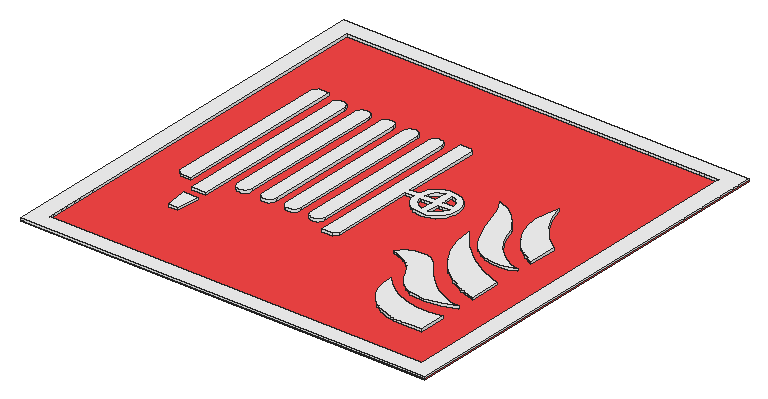
Revit family "GRAS_HWG-33N-20-30 HS Z", category Osprzęt hydrauliczny, Revit 2018
Family settings
  Obiekt nadrzędny = Powierzchnia
  Wymiar okrągłego złącza = Użyj średnicy
  Typ części = Normalny
  Tnij formami wycięć po wczytaniu = Nie
  Współdzielony = Nie
  Punkt obliczania pomieszczeń = Nie
Parameters (values of type "HWG-33N-20/30 HS-Z, RAL3000")
  W1 = 120 mm
  URL = "http://www.gras.pl/"
  Top Right Supply Connection = ""
  Top Left Supply Connection = ""
  Side Right Supply Connection = ""
  Side Left Supply Connection = ""
  Producent = "GRAS PPPH"
  Pictogram_height = 90 mm
  Opis = "http://gras.pl/en/hwg-33-n-20-30-hs-z/"
  Model = "HWG-33N-20/30 HS-Z, RAL3000"
  K Factor = 42
  H1 = 120 mm
  Flow = 114.0 L/s
  Door_Right - Door_Left [instance] = no
  Default Elevation = 0 mm
  DN = 32 mm
  D1 = 120 mm
  Cabinet width = 795 mm
  Cabinet material = DC01, RAL3000
  Cabinet height = 895 mm
  Cabinet depth = 290 mm
  Back Right Supply Connection = ""
  Back Left Supply Connection = ""
  0 = 0 mm
Types (2, lengths in mm): name | Model | Cabinet material
  HWG-33N-20/30 HS-Z, RAL9010 | "HWG-33N-20/30 HS-Z, RAL9010" | DC01, RAL9010
  HWG-33N-20/30 HS-Z, RAL3000 | "HWG-33N-20/30 HS-Z, RAL3000" | DC01, RAL3000
Reference planes
  plane 1 "Środek (Przód/Tył)": y = 0
  plane 2: z = 0
  plane 3 "Środek (Lewa/Prawa)": x = 0
  plane 4: y = 447.5
  plane 5: y = -447.5
  plane 6: x = -397.5
  plane 7: x = 397.5
  plane 8: z = 290
  plane 9: z = 130
  plane 10: x = 397.5
  plane 11: z = 0
  plane 12: x = -397.5
  plane 13: z = 130
  plane 14: z = 130
Forms (mm)
  Extrusion 1, solid, not visible
    sketch origin (0, 0, 0) x (1, 0, 0) y (0, 1, 0)
      loop
        line (-1219.2, 1219.2) -> (-1219.2, -1219.2) -> (1219.2, -1219.2) -> (1219.2, 1219.2) -> (-1219.2, 1219.2)
    from 0 to -304.8
Dimensions and locks
  equal spacing: plane 4, plane 1 "Środek (Przód/Tył)", plane 5
  "Cabinet height": plane 4 to plane 5
  equal spacing: plane 6, plane 3 "Środek (Lewa/Prawa)", plane 7
  "Cabinet width": plane 6 to plane 7
  "Cabinet depth": plane 8 to Extrusion 1
  "0": nested 1 to plane 8
  "0": plane 3 "Środek (Lewa/Prawa)" to nested 1
  "0": plane 3 "Środek (Lewa/Prawa)" to nested 2
  "0": plane 1 "Środek (Przód/Tył)" to nested 2
  "Pictogram_height": plane 4 to nested 1
  aligned and locked: plane 2 to Extrusion 1
  aligned and locked: level to Extrusion 1
Automatic sketch dimensions
  Extrusion 1 sketch curve to Extrusion 1 sketch curve = 2438.4 mm  (x2)
Nested families
  nested 1: "pictogram_hydrant" at (0, 282.5, 290), type "150x150"
  nested 2: "Cabinet_complet" at (0, 0, 0), visible <- "Door_Right - Door_Left", type "Cabinet_complet"
    with W1 120 mm, Visible_Right yes, Left_Right no, H1 120 mm, Flow 114.0 L/s, Door_Rubber 268 mm, Depth 290 mm, DN_Hole 52 mm, DN 32 mm, D1 120 mm
Connectors
  piping at (396.5, 327.5, 120), diameter 32, driven by "DN", driven by "Flow"
    settings: on nested 2, index 1, connector inside diameter 609.6 mm, connector length 0 mm, flow factor 0, pipe flow 114.0 L/s, pressure drop 0.0 Pa, fitting loss kfactor 0, connector angle 0.00°, fixture units 0, engagement length 0 mm, angle of deflection 0.00°, flow configuration 0, flow direction 0, fitting loss method 0, system type 7, joint type 0, gender type 0, connector reference index -1, connector utility 0, adjustable connector no, is connector primary yes, connector description ""
  piping at (277.5, 327.5, 1), diameter 32, driven by "DN", driven by "Flow"
    settings: on nested 2, index 2, connector inside diameter 609.6 mm, connector length 0 mm, flow factor 0, pipe flow 114.0 L/s, pressure drop 0.0 Pa, fitting loss kfactor 0, connector angle 0.00°, fixture units 0, engagement length 0 mm, angle of deflection 0.00°, flow configuration 0, flow direction 0, fitting loss method 0, system type 7, joint type 0, gender type 0, connector reference index -1, connector utility 0, adjustable connector no, is connector primary no, connector description ""
  piping at (-397.5, 327.5, 120), diameter 32, driven by "DN", driven by "Flow"
    settings: on nested 2, index 3, connector inside diameter 609.6 mm, connector length 0 mm, flow factor 0, pipe flow 114.0 L/s, pressure drop 0.0 Pa, fitting loss kfactor 0, connector angle 0.00°, fixture units 0, engagement length 0 mm, angle of deflection 0.00°, flow configuration 0, flow direction 0, fitting loss method 0, system type 19, joint type 0, gender type 0, connector reference index -1, connector utility 0, adjustable connector no, is connector primary no, connector description ""
  piping at (-277.5, 327.5, 0), diameter 32, driven by "DN"
    settings: on nested 2, index 4, connector inside diameter 609.6 mm, connector length 0 mm, flow factor 0, pipe flow 0.0 L/s, pressure drop 0.0 Pa, fitting loss kfactor 0, connector angle 0.00°, fixture units 0, engagement length 0 mm, angle of deflection 0.00°, flow configuration 0, flow direction 0, fitting loss method 0, system type 19, joint type 0, gender type 0, connector reference index -1, connector utility 0, adjustable connector no, is connector primary no, connector description ""
Definition of nested family "pictogram_hydrant"
  Parameters (values of type "150x150")
    pictogram_color_white = none
    pictogram_color_red = none
    W = 150 mm
    H = 150 mm
    Default Elevation = 1219.2 mm
  Reference planes
    plane 1 "Środek (Przód/Tył)": y = 0
    plane 2: z = 0
    plane 3 "Środek (Lewa/Prawa)": x = 0
    plane 4: x = -75
    plane 5: x = 75
    plane 6: y = 75
    plane 7: x = -75
    plane 8: x = 75
    plane 9: y = 75
    plane 10: y = -75
  Forms (mm)
    Extrusion 1, solid, material <- "pictogram_color_white", detail levels fine
      sketch origin (0, 0, 0) x (1, 0, 0) y (0, 1, 0)
        loop
          arc (-42.375, 34.5) -> (-45, 37.125) -> (-47.625, 34.5) r 2.625
          line (-47.625, 34.5) -> (-47.625, -29.625) -> (-42.375, -29.625) -> (-42.375, 34.5)
        loop
          arc (-38.625, -19.5) -> (-36, -22.125) -> (-33.375, -19.5) r 2.625
          line (-33.375, -19.5) -> (-33.375, 34.5)
          arc (-33.375, 34.5) -> (-36, 37.125) -> (-38.625, 34.5) r 2.625
          line (-38.625, 34.5) -> (-38.625, -19.5)
        loop
          arc (-29.625, -19.5) -> (-27, -22.125) -> (-24.375, -19.5) r 2.625
          line (-24.375, -19.5) -> (-24.375, 34.5)
          arc (-24.375, 34.5) -> (-27, 37.125) -> (-29.625, 34.5) r 2.625
          line (-29.625, 34.5) -> (-29.625, -19.5)
        loop
          arc (-20.625, -19.5) -> (-18, -22.125) -> (-15.375, -19.5) r 2.625
          line (-15.375, -19.5) -> (-15.375, 34.5)
          arc (-15.375, 34.5) -> (-18, 37.125) -> (-20.625, 34.5) r 2.625
          line (-20.625, 34.5) -> (-20.625, -19.5)
        loop
          arc (-11.625, -19.5) -> (-9, -22.125) -> (-6.375, -19.5) r 2.625
          line (-6.375, -19.5) -> (-6.375, 34.5)
          arc (-6.375, 34.5) -> (-9, 37.125) -> (-11.625, 34.5) r 2.625
          line (-11.625, 34.5) -> (-11.625, -19.5)
        loop
          arc (8.096, 6.375) -> (9.601, 3.593) -> (12.375, 2.075) r 5.587
          line (12.375, 2.075) -> (12.375, 6.375) -> (8.096, 6.375)
        loop
          arc (14.625, 2.05) -> (17.477, 3.549) -> (19.026, 6.375) r 5.587
          line (19.026, 6.375) -> (14.625, 6.375) -> (14.625, 2.05)
        loop
          arc (12.375, 12.994) -> (9.576, 11.45) -> (8.081, 8.625) r 5.587
          line (8.081, 8.625) -> (12.375, 8.625) -> (12.375, 12.994)
        loop
          arc (19.04, 8.625) -> (17.502, 11.494) -> (14.625, 13.019) r 5.587
          line (14.625, 13.019) -> (14.625, 8.625) -> (19.04, 8.625)
        loop
          arc (30.735, -35.586) -> (34.985, -47.78) -> (46.5, -53.625) r 17.285
          line (46.5, -53.625) -> (56.625, -53.625) -> (56.625, -43.857)
          arc (56.625, -43.857) -> (42.542, -43.284) -> (30.735, -35.586) r 26.558
        loop
          arc (43.5, 26.625) -> (44.037, 9.214) -> (56.632, -2.819) r 22.981
          line (56.632, -2.819) -> (56.601, 7.732)
          arc (56.601, 7.732) -> (48.159, 15.867) -> (43.5, 26.625) r 29.857
        loop
          arc (36.375, -1.5) -> (44.77, -9.178) -> (56.121, -8.425) r 14.487
          arc (56.121, -8.425) -> (50.239, -6.221) -> (45.629, -1.954) r 16.287
          arc (45.629, -1.954) -> (42.437, 2.964) -> (40.404, 8.464) r 26.509
          arc (40.404, 8.464) -> (34.776, 15.029) -> (27.375, 19.5) r 27.251
          arc (27.375, 19.5) -> (29.19, 16.657) -> (30.375, 13.5) r 16.152
          arc (30.375, 13.5) -> (32.842, 5.787) -> (36.375, -1.5) r 57.118
        loop
          line (75, -75) -> (75, 75) -> (-75, 75) -> (-75, -75) -> (75, -75)
        loop
          line (69, -69) -> (69, 69) -> (-69, 69) -> (-69, -69) -> (69, -69)
        loop
          line (-55.125, -25.5) -> (-51.375, -25.5) -> (-51.375, 38.625) -> (-55.125, 38.625) -> (-56.625, 37.125) -> (-56.625, -24) -> (-55.125, -25.5)
        loop
          line (-43.234, -41.671) -> (-42.368, -33.375) -> (-47.658, -33.375) -> (-46.721, -41.671) -> (-43.234, -41.671)
        loop
          line (5.748, 8.625) -> (2.625, 8.625) -> (2.625, 37.125) -> (1.125, 38.625) -> (-2.625, 38.625) -> (-2.625, -25.5) -> (1.125, -25.5) -> (2.625, -24) -> (2.625, 6.375) -> (5.748, 6.375)
          arc (5.748, 6.375) -> (21.333, 7.5) -> (5.748, 8.625) r 7.833
        loop
          arc (56.626, -18.699) -> (42.495, -11.687) -> (31.5, -0.375) r 46.748
          arc (31.5, -0.375) -> (38.925, -19.413) -> (56.626, -29.624) r 30.825
          line (56.626, -29.624) -> (56.626, -18.699)
        loop
          arc (30.403, -18.389) -> (25.366, -19.297) -> (21.375, -22.5) r 10.383
          arc (21.375, -22.5) -> (27.7, -25.134) -> (32.166, -30.331) r 14.829
          arc (32.166, -30.331) -> (35.524, -35.29) -> (40.5, -38.625) r 15.649
          arc (40.5, -38.625) -> (48.741, -38.75) -> (56.621, -36.335) r 26.465
          arc (56.621, -36.335) -> (49.534, -34.515) -> (43.5, -30.375) r 21.005
          arc (43.5, -30.375) -> (39.113, -26.466) -> (35.439, -21.881) r 35.088
          arc (35.439, -21.881) -> (33.209, -19.719) -> (30.403, -18.389) r 9.54
      from 0.2 to 1
    Extrusion 2, solid, material <- "pictogram_color_red", detail levels fine
      sketch origin (0, 0, 0) x (1, 0, 0) y (0, 1, 0)
        loop
          line (-75, 75) -> (-75, -75) -> (75, -75) -> (75, 75) -> (-75, 75)
      from 0 to 0.2
  Dimensions and locks
    equal spacing: plane 7, plane 3 "Środek (Lewa/Prawa)", plane 8
    "W": plane 7 to plane 8
    equal spacing: plane 9, plane 1 "Środek (Przód/Tył)", plane 10
    "H": plane 9 to plane 10
    aligned and locked: level to plane 2
    aligned and locked: Extrusion 1 to Extrusion 2  (x2)
    aligned and locked: Extrusion 2 to Extrusion 1  (x3)
    aligned and locked: Extrusion 1 to plane 7
    aligned and locked: plane 8 to Extrusion 1
    aligned and locked: plane 9 to Extrusion 1
    aligned and locked: Extrusion 1 to plane 10
  Automatic sketch dimensions
    Extrusion 1 sketch curve to Extrusion 1 sketch curve = 0 mm  (x22)
    Extrusion 1 sketch curve to plane 4 = 0 mm
    Extrusion 1 sketch curve to plane 5 = 0 mm
    Extrusion 1 sketch curve to plane 6 = 0 mm
    plane 4 to Extrusion 1 sketch curve = 6 mm
    plane 4 to Extrusion 1 sketch curve = 18.375 mm
    Extrusion 1 sketch curve to Extrusion 1 sketch curve = 1.5 mm  (x7)
    Extrusion 1 sketch curve to Extrusion 1 sketch curve = 3.75 mm  (x6)
    Extrusion 1 sketch curve to Extrusion 1 sketch curve = 3.717 mm
    Extrusion 1 sketch curve to Extrusion 1 sketch curve = 0.033 mm
    Extrusion 1 sketch curve to Extrusion 1 sketch curve = 0.938 mm
    Extrusion 1 sketch curve to Extrusion 1 sketch curve = 2.625 mm  (x7)
    Extrusion 1 sketch curve to Extrusion 1 sketch curve = 3.487 mm
    Extrusion 1 sketch curve to Extrusion 1 sketch curve = 0.007 mm
    Extrusion 1 sketch curve to plane 3 "Środek (Lewa/Prawa)" = 2.625 mm
    plane 3 "Środek (Lewa/Prawa)" to Extrusion 1 sketch curve = 1.125 mm  (x2)
    plane 3 "Środek (Lewa/Prawa)" to Extrusion 1 sketch curve = 2.625 mm
    Extrusion 1 sketch curve to Extrusion 1 sketch curve = 3.123 mm
    Extrusion 1 sketch curve to Extrusion 1 sketch curve = 2.333 mm
    Extrusion 1 sketch curve to Extrusion 1 sketch curve = 0.014 mm  (x2)
    Extrusion 1 sketch curve to Extrusion 1 sketch curve = 4.294 mm
    Extrusion 1 sketch curve to Extrusion 1 sketch curve = 1.125 mm  (x2)
    Extrusion 1 sketch curve to Extrusion 1 sketch curve = 0.061 mm
    Extrusion 1 sketch curve to Extrusion 1 sketch curve = 1.064 mm  (x2)
    Extrusion 1 sketch curve to Extrusion 1 sketch curve = 0.118 mm
    Extrusion 1 sketch curve to Extrusion 1 sketch curve = 2.539 mm
    plane 3 "Środek (Lewa/Prawa)" to Extrusion 1 sketch curve = 18.99 mm
    Extrusion 1 sketch curve to Extrusion 1 sketch curve = 4.401 mm
    Extrusion 1 sketch curve to Extrusion 1 sketch curve = 8.783 mm
    Extrusion 1 sketch curve to Extrusion 1 sketch curve = 1.895 mm
    plane 1 "Środek (Przód/Tył)" to Extrusion 1 sketch curve = 12.549 mm
    Extrusion 1 sketch curve to Extrusion 1 sketch curve = 15.349 mm
    Extrusion 1 sketch curve to plane 5 = 28.5 mm
    Extrusion 1 sketch curve to Extrusion 1 sketch curve = 1.545 mm
    Extrusion 1 sketch curve to Extrusion 1 sketch curve = 1.437 mm
    Extrusion 1 sketch curve to plane 1 "Środek (Przód/Tył)" = 4.493 mm
    Extrusion 1 sketch curve to Extrusion 1 sketch curve = 4.546 mm
    Extrusion 1 sketch curve to Extrusion 1 sketch curve = 4.061 mm
    Extrusion 1 sketch curve to Extrusion 1 sketch curve = 7.037 mm
    Extrusion 1 sketch curve to Extrusion 1 sketch curve = 10.125 mm
    Extrusion 1 sketch curve to Extrusion 1 sketch curve = 8.626 mm
    plane 1 "Środek (Przód/Tył)" to Extrusion 1 sketch curve = 2.819 mm
    Extrusion 1 sketch curve to Extrusion 1 sketch curve = 7.068 mm
    Extrusion 1 sketch curve to Extrusion 1 sketch curve = 1.594 mm
    Extrusion 1 sketch curve to Extrusion 1 sketch curve = 2.188 mm
    Extrusion 1 sketch curve to plane 1 "Środek (Przód/Tył)" = 0.672 mm
    Extrusion 1 sketch curve to Extrusion 1 sketch curve = 5.675 mm
    plane 1 "Środek (Przód/Tył)" to Extrusion 1 sketch curve = 2.314 mm
    Extrusion 1 sketch curve to Extrusion 1 sketch curve = 2.258 mm
    Extrusion 1 sketch curve to plane 5 = 9.975 mm
    Extrusion 1 sketch curve to Extrusion 1 sketch curve = 1.108 mm
    Extrusion 1 sketch curve to plane 5 = 6 mm
    Extrusion 1 sketch curve to plane 5 = 4.96 mm
    Extrusion 1 sketch curve to plane 5 = 2.306 mm
    plane 5 to Extrusion 1 sketch curve = 10.875 mm
    Extrusion 1 sketch curve to Extrusion 1 sketch curve = 12.572 mm
    Extrusion 1 sketch curve to Extrusion 1 sketch curve = 5.437 mm
    Extrusion 1 sketch curve to Extrusion 1 sketch curve = 3.308 mm
    plane 1 "Środek (Przód/Tył)" to Extrusion 1 sketch curve = 19.5 mm
    Extrusion 1 sketch curve to Extrusion 1 sketch curve = 4.5 mm  (x2)
    Extrusion 1 sketch curve to Extrusion 1 sketch curve = 6.213 mm
    Extrusion 1 sketch curve to Extrusion 1 sketch curve = 3.361 mm
    Extrusion 1 sketch curve to Extrusion 1 sketch curve = 1.186 mm
    Extrusion 1 sketch curve to Extrusion 1 sketch curve = 10.925 mm
    Extrusion 1 sketch curve to Extrusion 1 sketch curve = 4.125 mm
    Extrusion 1 sketch curve to Extrusion 1 sketch curve = 6.781 mm
    Extrusion 1 sketch curve to Extrusion 1 sketch curve = 9.577 mm
    Extrusion 1 sketch curve to Extrusion 1 sketch curve = 8.296 mm
    Extrusion 1 sketch curve to Extrusion 1 sketch curve = 7.452 mm
    Extrusion 1 sketch curve to Extrusion 1 sketch curve = 9.768 mm
    Extrusion 1 sketch curve to Extrusion 1 sketch curve = 27.329 mm
    Extrusion 1 sketch curve to Extrusion 1 sketch curve = 6 mm
    plane 1 "Środek (Przód/Tył)" to Extrusion 1 sketch curve = 5.765 mm
    Extrusion 1 sketch curve to plane 1 "Środek (Przód/Tył)" = 2.05 mm
    Extrusion 1 sketch curve to plane 1 "Środek (Przód/Tył)" = 2.075 mm
    Extrusion 1 sketch curve to Extrusion 1 sketch curve = 4.325 mm
    Extrusion 1 sketch curve to Extrusion 1 sketch curve = 0.034 mm
    Extrusion 1 sketch curve to plane 1 "Środek (Przód/Tył)" = 7.642 mm
    Extrusion 1 sketch curve to Extrusion 1 sketch curve = 0.09 mm
    Extrusion 1 sketch curve to Extrusion 1 sketch curve = 2.25 mm
    Extrusion 1 sketch curve to Extrusion 1 sketch curve = 0.809 mm
    Extrusion 1 sketch curve to Extrusion 1 sketch curve = 7.206 mm
    Extrusion 1 sketch curve to Extrusion 1 sketch curve = 3.727 mm
    Extrusion 1 sketch curve to Extrusion 1 sketch curve = 7.508 mm
    Extrusion 1 sketch curve to Extrusion 1 sketch curve = 0.917 mm
    Extrusion 1 sketch curve to Extrusion 1 sketch curve = 6.797 mm
    Extrusion 1 sketch curve to plane 1 "Środek (Przód/Tył)" = 34.5 mm
    Extrusion 1 sketch curve to plane 6 = 6 mm
    Extrusion 1 sketch curve to Extrusion 1 sketch curve = 6.399 mm
    Extrusion 1 sketch curve to Extrusion 1 sketch curve = 8.335 mm
    Extrusion 1 sketch curve to Extrusion 1 sketch curve = 3 mm
    Extrusion 1 sketch curve to Extrusion 1 sketch curve = 2.63 mm
    Extrusion 1 sketch curve to Extrusion 1 sketch curve = 2.497 mm
    Extrusion 1 sketch curve to Extrusion 1 sketch curve = 5.036 mm
    plane 1 "Środek (Przód/Tył)" to Extrusion 1 sketch curve = 1.5 mm
    Extrusion 1 sketch curve to Extrusion 1 sketch curve = 4.875 mm
    Extrusion 1 sketch curve to plane 1 "Środek (Przód/Tył)" = 8.464 mm
    Extrusion 1 sketch curve to Extrusion 1 sketch curve = 7.5 mm
    Extrusion 1 sketch curve to Extrusion 1 sketch curve = 3.063 mm
    plane 1 "Środek (Przód/Tył)" to Extrusion 1 sketch curve = 1.954 mm
    Extrusion 1 sketch curve to Extrusion 1 sketch curve = 0.005 mm
    Extrusion 2 sketch curve to plane 4 = 0 mm
    Extrusion 2 sketch curve to plane 5 = 0 mm
    Extrusion 2 sketch curve to plane 6 = 0 mm
    plane 1 "Środek (Przód/Tył)" to Extrusion 2 sketch curve = 75 mm
Definition of nested family "Cabinet_complet"
  Parameters (values of type "Cabinet_complet")
    W1 = 100 mm
    Visible_Right = not(Left_Right)  # no
    Thickness = 1 mm
    Rubber = 8 mm
    Roof = 40 mm
    Material_hinge_lock = none
    Material = none
    Left_Right = yes
    Hinge_H2 = Height - Roof - Frame - 100 mm  # 733 mm
    Hinge_H1 = 100 mm
    Half_Height = Height / 2  # 447.5 mm
    Height = 895 mm
    Width = 795 mm
    H1 = 130 mm
    Gap = 4 mm
    Frame = 22 mm
    Flow = 35.0 L/s
    Door_Width = Width  # 795 mm
    Door_Rubber = Depth - Door_Depth  # 228 mm
    Door_Height = Height - Gap - Roof - Frame  # 829 mm
    Door_Half_Height = Door_Height / 2  # 414.5 mm
    Door_Depth = 22 mm
    Depth = 250 mm
    DN_Hole = DN + 20 mm  # 45 mm
    DN = 25 mm
    D1 = 100 mm
    0 = 0 mm
  Reference planes
    plane 1 "Środek (Przód/Tył)": y = 0
    plane 2: z = 0
    plane 3 "Środek (Lewa/Prawa)": x = 0
    plane 4: z = 250
    plane 5: y = 895
    plane 6: y = -447.5
    plane 7: x = 397.5
    plane 8: x = -397.5
    plane 9: y = -33
  Dimensions and locks
    "0": plane 3 "Środek (Lewa/Prawa)" to nested 1
    "0": plane 1 "Środek (Przód/Tył)" to nested 1
    "Height": plane 5 to plane 1 "Środek (Przód/Tył)"
    "0": plane 3 "Środek (Lewa/Prawa)" to nested 2
    "Door_Rubber": nested 2 to plane 2
    "Half_Height": plane 1 "Środek (Przód/Tył)" to plane 6
    "0": nested 2 to plane 6
    equal spacing: plane 7, plane 3 "Środek (Lewa/Prawa)", plane 8
    "Width": plane 7 to plane 8
    "Depth": plane 4 to level
    "0": nested 3 to plane 8
    "0": nested 4 to plane 8
    "Hinge_H1": plane 6 to nested 4
    "Hinge_H2": nested 3 to plane 6
    "Gap": nested 3 to plane 4
    "Gap": plane 4 to nested 4
    "0": nested 6 to plane 8
    "0": plane 7 to nested 5
    "Door_Half_Height": plane 9 to plane 6
    "0": plane 9 to nested 5
    "0": nested 6 to plane 9
    "Gap": nested 6 to plane 4
    "Gap": plane 4 to nested 5
    "0": plane 3 "Środek (Lewa/Prawa)" to nested 7
    "0": nested 7 to plane 1 "Środek (Przód/Tył)"
    "0": plane 7 to nested 8
    "0": plane 7 to nested 9
    "Hinge_H1": plane 6 to nested 9
    "Hinge_H2": plane 6 to nested 8
    "Gap": plane 4 to nested 9
    "Gap": plane 4 to nested 8
    aligned and locked: level to plane 2
  Nested families
    nested 1: "HS-Z v2" at (0, 0, 0), visible <- "Visible_Right", type "HS-Z v2"
      with Srednica 45 mm
    nested 2: "door" at (0, -33, 228), type "door"
    nested 3: "zawias" at (-402.5, 310.5, 216) x (-1, 0, 0) z (0, 0, 1), visible <- "Left_Right", type "zawias"
    nested 4: "zawias" at (-402.5, -322.5, 216) x (-1, 0, 0) z (0, 0, 1), visible <- "Left_Right", type "zawias"
    nested 5: "zamek" at (397.5, -33, 211), visible <- "Left_Right", type "zamek"
    nested 6: "zamek" at (-397.5, -33, 211) x (-1, 0, 0) z (0, 0, 1), visible <- "Visible_Right", type "zamek"
    nested 7: "HS-Z v2" at (0, 0, 0) x (-1, 0, 0) z (0, 0, 1), visible <- "Left_Right", type "HS-Z v2"
      with Srednica 45 mm
    nested 8: "zawias" at (402.5, 310.5, 216), visible <- "Visible_Right", type "zawias"
    nested 9: "zawias" at (402.5, -322.5, 216), visible <- "Visible_Right", type "zawias"
  Definition of nested family "HS-Z v2"
    Parameters (values of type "HS-Z v2")
      Width = 795 mm
      W1 = 100 mm
      D1 = 100 mm
      Thickness = 1 mm
      Srednica = 100 mm
      Rubber = 8 mm
      Roof_out = 10 mm
      Roof_Height = 40 mm
      Materiał = none
      Height = 895 mm
      H1 = 130 mm
      Frame = 22 mm
      Door_Depth_rubber = Door_Depth + Rubber  # 30 mm
      Door_Depth = 22 mm
      Depth = 250 mm
      DN = 45 mm
      Cabinet_depth = Depth - Door_Depth_rubber  # 220 mm
      0 = 0 mm
    Reference planes
      plane 1 "Środek (Przód/Tył)": y = 0
      plane 2: z = 0
      plane 3 "Środek (Lewa/Prawa)": x = 0
      plane 4: x = -397.5
      plane 5: x = 397.5
      plane 6: y = 447.5
      plane 7: y = -447.5
      plane 8: z = 250
      plane 9: z = 220
      plane 10: y = 407.5
      plane 11: y = 385.5
      plane 12: z = 260
      plane 13: y = 363.5
      plane 14: z = 259
      plane 15: z = 1
      plane 16: y = -446.5
      plane 17: z = 219
      plane 18: y = 446.5
      plane 19: y = 386.5
      plane 20: y = 406.5
      plane 21: x = 396.5
      plane 22: x = -396.5
      plane 23: x = -375.5
      plane 24: x = 375.5
      plane 25: y = -425.5
      plane 26: y = 317.5
      plane 27: z = 100
      plane 28: x = 297.5
    Forms (mm)
      Extrusion 1, solid, material <- "Materiał"
        sketch origin (0, 0, 0) x (0, 1, 0) y (0, 0, 1)
          loop
            line (447.5, 0) -> (407.5, 260) -> (385.5, 260) -> (391.654, 220) -> (-447.5, 220) -> (-447.5, 0) -> (447.5, 0)
        from -397.5 to 397.5
      Extrusion 2, void
        sketch origin (0, 0, 0) x (0, 1, 0) y (0, 0, 1)
          loop
            line (446.5, 1) -> (406.5, 259) -> (386.5, 259) -> (392.702, 219) -> (-446.5, 219) -> (-446.5, 1) -> (446.5, 1)
        from -396.5 to 396.5
      Extrusion 3, void
        sketch origin (0, 0, 0) x (1, 0, 0) y (0, 1, 0)
          loop
            line (-375.5, 363.5) -> (-375.5, -425.5) -> (375.5, -425.5) -> (375.5, 363.5) -> (-375.5, 363.5)
        from 1 to 260
      Extrusion 4, void
        sketch origin (0, 0, 0) x (1, 0, 0) y (0, 1, 0)
          loop
            circle (297.5, 317.5) r 22.5
        from 0 to 110
      Extrusion 5, void
        sketch origin (397.5, 0, 0) x (0, -1, 0) y (0, 0, 1)
          loop
            circle (-317.5, 100) r 22.5
        from 0 to 1
    Cuts and joins
      Extrusion 2, Extrusion 3, Extrusion 4, Extrusion 5 cuts Extrusion 1
    Dimensions and locks
      equal spacing: plane 4, plane 3 "Środek (Lewa/Prawa)", plane 5
      "Width": plane 4 to plane 5
      equal spacing: plane 6, plane 1 "Środek (Przód/Tył)", plane 7
      "Height": plane 6 to plane 7
      "Roof_Height": plane 6 to plane 10
      "Frame": plane 10 to plane 11
      "Cabinet_depth": plane 9 to plane 2
      "Depth": plane 8 to plane 2
      "Roof_out": plane 12 to plane 8
      "Frame": plane 11 to plane 13
      "Thickness": plane 12 to plane 14
      "Thickness": plane 15 to plane 2
      "Thickness": plane 16 to plane 7
      "Thickness": plane 9 to plane 17
      "Thickness": plane 6 to plane 18
      "Thickness": plane 19 to plane 11
      "Thickness": plane 10 to plane 20
      "Thickness": plane 4 to plane 22
      "Thickness": plane 21 to plane 5
      "Frame": plane 25 to plane 7
      "Frame": plane 4 to plane 23
      "Frame": plane 24 to plane 5
      "0": cut or joined group of Extrusion 1, Extrusion 2, Extrusion 3, Extrusion 4, Extrusion 5 to plane 5
      "0": plane 4 to cut or joined group of Extrusion 1, Extrusion 2, Extrusion 3, Extrusion 4, Extrusion 5
      "0": plane 22 to cut or joined group of Extrusion 1, Extrusion 2, Extrusion 3, Extrusion 4, Extrusion 5
      "0": cut or joined group of Extrusion 1, Extrusion 2, Extrusion 3, Extrusion 4, Extrusion 5 to plane 21
      "0": plane 12 to cut or joined group of Extrusion 1, Extrusion 2, Extrusion 3, Extrusion 4, Extrusion 5
      "D1": plane 27 to level
      "H1": plane 6 to plane 26
      "W1": plane 28 to plane 5
      "0": cut or joined group of Extrusion 1, Extrusion 2, Extrusion 3, Extrusion 4, Extrusion 5 to cut or joined group of Extrusion 1, Extrusion 2, Extrusion 3, Extrusion 4, Extrusion 5
      "0": plane 21 to cut or joined group of Extrusion 1, Extrusion 2, Extrusion 3, Extrusion 4, Extrusion 5
      "0": Extrusion 5 sketch curve to plane 26
      "0": Extrusion 5 sketch curve to plane 27
      "DN": diameter of Extrusion 4 sketch curve
      "DN": diameter of Extrusion 5 sketch curve
      aligned and locked: level to plane 2
    Automatic sketch dimensions
      Extrusion 1 sketch curve to plane 7 = 0 mm
      Extrusion 1 sketch curve to plane 11 = 0 mm
      Extrusion 1 sketch curve to plane 9 = 0 mm
      Extrusion 1 sketch curve to plane 10 = 0 mm
      Extrusion 1 sketch curve to level = 0 mm
      Extrusion 1 sketch curve to plane 6 = 0 mm
      Extrusion 1 sketch curve to plane 12 = 0 mm
      Extrusion 1 sketch curve to plane 11 = 6.154 mm
      Extrusion 2 sketch curve to plane 16 = 0 mm
      Extrusion 2 sketch curve to plane 15 = 0 mm
      Extrusion 2 sketch curve to plane 14 = 0 mm
      Extrusion 2 sketch curve to plane 19 = 0 mm
      Extrusion 2 sketch curve to plane 17 = 0 mm
      Extrusion 2 sketch curve to plane 20 = 0 mm
      Extrusion 2 sketch curve to plane 18 = 0 mm
      Extrusion 2 sketch curve to plane 19 = 6.202 mm
      Extrusion 3 sketch curve to plane 23 = 0 mm
      plane 13 to Extrusion 3 sketch curve = 0 mm
      Extrusion 3 sketch curve to plane 24 = 0 mm
      Extrusion 3 sketch curve to plane 25 = 0 mm
      plane 26 to Extrusion 4 sketch curve = 0 mm
      Extrusion 4 sketch curve to plane 28 = 0 mm
  Definition of nested family "door"
    Parameters (values of type "door")
      Material = none
      Height = 829 mm
      Width = 795 mm
      Depth = 22 mm
      0 = 0 mm
    Reference planes
      plane 1 "Środek (Przód/Tył)": y = 0
      plane 2: z = 0
      plane 3 "Środek (Lewa/Prawa)": x = 0
      plane 4: x = -397.5
      plane 5: x = 397.5
      plane 6: y = 414.5
      plane 7: y = -414.5
      plane 8: z = 22
    Forms (mm)
      Extrusion 1, solid, material <- "Material"
        sketch origin (0, 0, 0) x (1, 0, 0) y (0, 1, 0)
          loop
            line (-397.5, 414.5) -> (-397.5, -414.5) -> (397.5, -414.5) -> (397.5, 414.5) -> (-397.5, 414.5)
        from 0 to 22
    Dimensions and locks
      equal spacing: plane 6, plane 1 "Środek (Przód/Tył)", plane 7
      equal spacing: plane 4, plane 3 "Środek (Lewa/Prawa)", plane 5
      "Width": plane 4 to plane 5
      "Height": plane 6 to plane 7
      "Depth": plane 8 to plane 2
      "0": plane 8 to Extrusion 1
      aligned and locked: level to plane 2
    Automatic sketch dimensions
      Extrusion 1 sketch curve to plane 4 = 0 mm
      Extrusion 1 sketch curve to plane 5 = 0 mm
      Extrusion 1 sketch curve to plane 7 = 0 mm
      Extrusion 1 sketch curve to plane 6 = 0 mm
  Definition of nested family "zawias"
    Parameters (values of type "zawias")
      width_height = 50 mm
      faza = 3 mm
      Visible = yes
      Materiał = none
      Depth = 10 mm
    Reference planes
      plane 1 "Środek (Przód/Tył)": y = 0
      plane 2: z = 0
      plane 3 "Środek (Lewa/Prawa)": x = 0
      plane 4: x = -25
      plane 5: y = 25
      plane 6: x = 25
      plane 7: y = -25
      plane 8: z = 10
      plane 9: z = 7
      plane 10: x = -3
      plane 11: x = 3
      plane 12: x = 22
      plane 13: x = -22
    Forms (mm)
      Extrusion 1, solid, material <- "Materiał"
        sketch origin (-5, 0, 5) x (0, 0, -1) y (1, 0, 0)
          loop
            line (-25, 0) -> (25, 0) -> (25, 7) -> (22, 10) -> (3, 10) -> (0, 7) -> (-3, 10) -> (-22, 10) -> (-25, 7) -> (-25, 0)
        from -25 to 25
    Dimensions and locks
      equal spacing: plane 4, plane 3 "Środek (Lewa/Prawa)", plane 6
      "width_height": plane 4 to plane 6
      equal spacing: plane 5, plane 1 "Środek (Przód/Tył)", plane 7
      "width_height": plane 5 to plane 7
      "Depth": plane 8 to plane 2
      "faza": plane 8 to plane 9
      "faza": plane 13 to plane 4
      "faza": plane 3 "Środek (Lewa/Prawa)" to plane 10
      "faza": plane 11 to plane 3 "Środek (Lewa/Prawa)"
      "faza": plane 6 to plane 12
      aligned and locked: level to plane 2
    Automatic sketch dimensions
      Extrusion 1 sketch curve to plane 10 = 2 mm
      plane 8 to Extrusion 1 sketch curve = 20 mm
      plane 11 to Extrusion 1 sketch curve = 2 mm  (x2)
      Extrusion 1 sketch curve to Extrusion 1 sketch curve = 3 mm  (x2)
      plane 9 to Extrusion 1 sketch curve = 1 mm
      Extrusion 1 sketch curve to plane 9 = 2 mm
      level to Extrusion 1 sketch curve = 2 mm
      Extrusion 1 sketch curve to level = 17 mm
      Extrusion 1 sketch curve to plane 11 = 1 mm  (x2)
  Definition of nested family "zamek"
    Parameters (values of type "zamek")
      height = 20 mm
      depth = 10 mm
      border = 3 mm
      Width = 35 mm
      Material = none
    Reference planes
      plane 1 "Środek (Przód/Tył)": y = 0
      plane 2: z = 0
      plane 3 "Środek (Lewa/Prawa)": x = 0
      plane 4: y = 10
      plane 5: y = -10
      plane 6: y = -7
      plane 7: y = 7
      plane 8: x = 10
      plane 9: x = 3
      plane 10: y = 4
      plane 11: y = -4
      plane 12: z = 35
    Forms (mm)
      Extrusion 1, solid, material <- "Material"
        sketch origin (0, 0, 0) x (1, 0, 0) y (0, 1, 0)
          loop
            line (0, 10) -> (0, -10) -> (10, -10) -> (10, -7) -> (3, -7) -> (3, -4) -> (10, -4) -> (10, 4) -> (3, 4) -> (3, 7) -> (10, 7) -> (10, 10) -> (0, 10)
        from 0 to 35
    Dimensions and locks
      equal spacing: plane 4, plane 1 "Środek (Przód/Tył)", plane 5
      "height": plane 4 to plane 5
      "border": plane 6 to plane 5
      "border": plane 7 to plane 4
      "border": plane 3 "Środek (Lewa/Prawa)" to plane 9
      "depth": plane 3 "Środek (Lewa/Prawa)" to plane 8
      "border": plane 10 to plane 7
      "border": plane 11 to plane 6
      "Width": plane 12 to plane 2
      aligned and locked: level to plane 2
    Automatic sketch dimensions
      Extrusion 1 sketch curve to plane 3 "Środek (Lewa/Prawa)" = 0 mm
      Extrusion 1 sketch curve to plane 9 = 0 mm  (x2)
      plane 7 to Extrusion 1 sketch curve = 0 mm
      Extrusion 1 sketch curve to plane 8 = 0 mm  (x3)
      Extrusion 1 sketch curve to plane 6 = 0 mm
      Extrusion 1 sketch curve to plane 5 = 0 mm
      Extrusion 1 sketch curve to plane 11 = 0 mm
      plane 10 to Extrusion 1 sketch curve = 0 mm
      Extrusion 1 sketch curve to plane 4 = 0 mm
